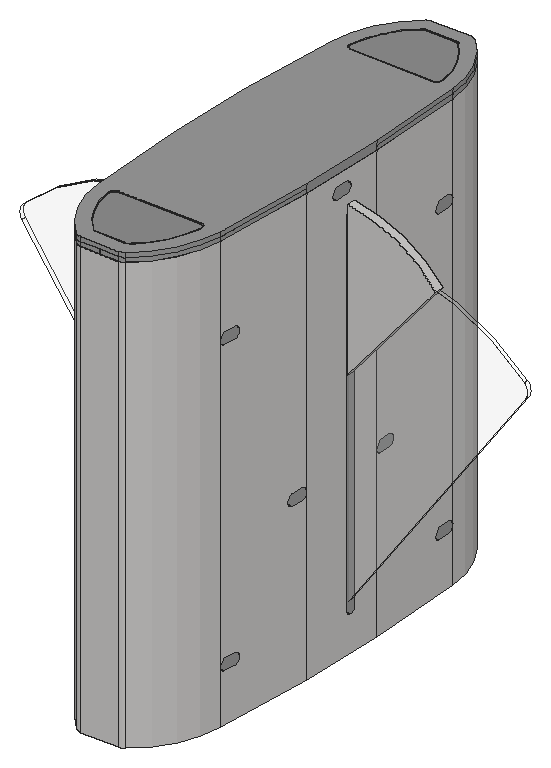
Revit family "CAME_Турникет_Скоростной_SLIDINGGATEGL_РаздвижнойЦентральныйМодуль", category Специальное оборудование, Revit 2019
Family settings
  Размер круглого соединителя = Использовать диаметр
  Тип детали = Нормальный
  На основе рабочей плоскости = Нет
  Всегда вертикально = Да
  При загрузке вырезать с полостями = Нет
  Общий = Нет
  Точка расчета площади = Нет
Parameters (values of type "900+900")
  х2 = 550 mm
  х1 = 550 mm
  Описание = "Центральный модуль раздвижного турникета SLIDING GATE GL90. Оснащен платой управления и светодиодными указателями прохода и направления. Корпус - нержавеющая сталь AISI 304. Сервопозиционный электропривод створки с определением препятствий и автоматической разблокировкой при отключении электроэнергии. Створка из 10 мм закаленного стекла. Ширина прохода 2 х 900 мм. Высота створки 900 мм. Время открытия - 0.5 сек. Встроенный блок питания."
  Изготовитель = "CAME"  # constant formula
  Группа модели = "Турникеты"  # constant formula
  Watermark [instance] = "Модели защищены уникальным кодом"
  URL = "https://camerussia.com"
  CAME_Тип механизма турникета = "моторизованный"  # constant formula
  CAME_Напряжение электропитания двигателя (В) = 24 V  # constant formula
  CAME_Максимальное количество проходов в минуту = "30"  # constant formula
  CAME_Класс защиты (IP) = "44"  # constant formula
  CAME_Интенсивность использования (%) = "ИНТЕНСИВНОЕ"  # constant formula
  CAME_Диапазон рабочих температур (°C) = "-20 ÷ +68"  # constant formula
  CAME_Время открывания (с) = "0.5"  # constant formula
  BL_Разработано = "support@bimlib.pro"  # constant formula
  BL_Email = "cru.info@came.com"  # constant formula
  BL_BIM library = "https://bimlib.pro/manufacturer/came/cf0b6efe-31e5-4ffa-b7ea-1d6fa84041d4/?tab=products"
  ADSK_Размер_Ширина = х1 + х2  # 1100 mm
  ADSK_Размер_Глубина = 1000 mm  # constant formula
  ADSK_Размер_Высота = 1010 mm  # constant formula
  ADSK_Полная мощность = ADSK_Номинальная мощность / ADSK_Коэффициент мощности  # 81.25 VA
  ADSK_Обозначение = "ТУ 26.30.50-001-89603926-2021"  # constant formula
  ADSK_Номинальная мощность = if(and([550 слева], [550 справа]), 39 W, if(and([900 слева], [900 справа]), 78 W, 78 W))  # 78 W
  ADSK_Напряжение = 230 V  # constant formula
  ADSK_Наименование краткое = if(and([550 слева], [550 справа]), "Центр. модуль турникета SLIDING GATE GL, 2 х 550 мм", if(and([900 слева], [900 справа]), "Центр. модуль турникета SLIDING GATE GL90, 2 х 900 мм", "Центр. модуль турникета SLIDING GATE GL90 комбинированный, 550 + 900 мм"))  # "Центр. модуль турникета SLIDING GATE GL90, 2 х 900 мм"
  ADSK_Наименование = if(and([550 слева], [550 справа]), "Центральный модуль раздвижного турникета SLIDING GATE GL, ширина прохода 2 х 550 мм", if(and([900 слева], [900 справа]), "Центральный модуль раздвижного турникета SLIDING GATE GL90, ширина прохода 2 х 900 мм", "Центральный модуль раздвижного турникета SLIDING GATE GL90 комбинированный, ширина прохода 550 + 900 мм"))  # "Центральный модуль раздвижного турникета SLIDING GATE GL90, ширина прохода 2 х 900 мм"
  ADSK_Масса_Текст = if(and([550 слева], [550 справа]), "77", if(and([900 слева], [900 справа]), "86", "86"))  # "86"
  ADSK_Масса = if(and([550 слева], [550 справа]), 77, if(and([900 слева], [900 справа]), 86, 86))  # 86
  ADSK_Марка = if(and([550 слева], [550 справа]), "АРТ:001SGL02C", if(and([900 слева], [900 справа]), "АРТ:001SGL90C", "АРТ:001SGL90CC"))  # "АРТ:001SGL90C"
  ADSK_Коэффициент мощности = 0.96
  ADSK_Количество фаз = 1  # constant formula
  ADSK_Количество = 1  # constant formula
  ADSK_Код изделия = "Код КСР 26.30.50.119.61.2.07.09"  # constant formula
  ADSK_Классификация нагрузок = Прочее
  ADSK_Завод-изготовитель = "CAME"  # constant formula
  ADSK_Единица измерения = "шт."  # constant formula
  ADSK_Группирование = "SLIDING GATE"  # constant formula
  ADSK_Версия семейства = "1.0"  # constant formula
  ADSK_Версия Revit = "2019"  # constant formula
  ADSK_URL страницы изделия = "https://camerussia.com/product/001sgl90c/"
  ADSK_URL документации изделия = "https://camerussia.com/uploads/support/instructions/files/Инструкция%20Sliding%20Gate%20Ligtht%20SGL01-SGL02-SGL90.pdf"
  900 справа = yes
  900 слева = yes
  550 справа = no
  550 слева = no
Types (4, lengths in mm): name | х2 | х1 | Описание | ADSK_Размер_Ширина | ADSK_Полная мощность | ADSK_Номинальная мощность | ADSK_Наименование краткое | ADSK_Наименование | ADSK_Масса_Текст | ADSK_Масса | ADSK_Марка | ADSK_URL страницы изделия | 900 справа | 900 слева | 550 справа | 550 слева
  (no name) | 550 | 550 | "Центральный модуль раздвижного турникета SLIDING GATE GL90. Оснащен платой управления и светодиодными указателями прохода и направления. Корпус - нержавеющая сталь AISI 304. Сервопозиционный электропривод створки с определением препятствий и автоматической разблокировкой при отключении электроэнергии. Створка из 10 мм закаленного стекла. Ширина прохода 2 х 900 мм. Высота створки 900 мм. Время открытия - 0.5 сек. Встроенный блок питания." | 1100 | 81.25 VA | 78 W | "Центр. модуль турникета SLIDING GATE GL90, 2 х 900 мм" | "Центральный модуль раздвижного турникета SLIDING GATE GL90, ширина прохода 2 х 900 мм" | "86" | 86 | "АРТ:001SGL90C" | "https://camerussia.com/product/001sgl90c/" | yes | yes | no | no
  550+550 | 425 | 425 | "Центральный модуль раздвижного турникета SLIDING GATE GL. Оснащен платой управления и светодиодными указателями прохода и направления. Корпус - нержавеющая сталь AISI 304. Сервопозиционный электропривод створки с определением препятствий и автоматической разблокировкой при отключении электроэнергии. Створка из 10 мм закаленного стекла. Ширина прохода 550 мм. Высота створки 900 мм. Время открытия - 0.5 сек. Встроенный блок питания." | 850 | 40.625 VA | 39 W | "Центр. модуль турникета SLIDING GATE GL, 2 х 550 мм" | "Центральный модуль раздвижного турникета SLIDING GATE GL, ширина прохода 2 х 550 мм" | "77" | 77 | "АРТ:001SGL02C" | "https://camerussia.com/product/001sgl02c/" | no | no | yes | yes
  900+900 | 550 | 550 | "Центральный модуль раздвижного турникета SLIDING GATE GL90. Оснащен платой управления и светодиодными указателями прохода и направления. Корпус - нержавеющая сталь AISI 304. Сервопозиционный электропривод створки с определением препятствий и автоматической разблокировкой при отключении электроэнергии. Створка из 10 мм закаленного стекла. Ширина прохода 2 х 900 мм. Высота створки 900 мм. Время открытия - 0.5 сек. Встроенный блок питания." | 1100 | 81.25 VA | 78 W | "Центр. модуль турникета SLIDING GATE GL90, 2 х 900 мм" | "Центральный модуль раздвижного турникета SLIDING GATE GL90, ширина прохода 2 х 900 мм" | "86" | 86 | "АРТ:001SGL90C" | "https://camerussia.com/product/001sgl90c/" | yes | yes | no | no
  550+900 | 550 | 425 | "Комбинированный центральный модуль раздвижного турникета SLIDING GATE GL90. Оснащен платой управления и светодиодными указателями прохода и направления. Корпус - нержавеющая сталь AISI 304. Сервопозиционный электропривод створки с определением препятствий и автоматической разблокировкой при отключении электроэнергии. Створка из 10 мм закаленного стекла. Ширина прохода 550 + 900 мм. Высота створки 900 мм. Время открытия - 0.5 сек. Встроенный блок питания." | 975 | 81.25 VA | 78 W | "Центр. модуль турникета SLIDING GATE GL90 комбинированный, 550 + 900 мм" | "Центральный модуль раздвижного турникета SLIDING GATE GL90 комбинированный, ширина прохода 550 + 900 мм" | "86" | 86 | "АРТ:001SGL90CC" | "https://camerussia.com/product/001sgl90cc/" | yes | no | no | yes
Reference planes
  plane 1 "По центру (Вперед/Назад)": y = 0
  plane 2: z = 0
  plane 3 "По центру (Влево/Вправо)": x = 0
  plane 4: y = 500
  plane 5: y = -500
  plane 6: z = 1010
  plane 7: x = -150
  plane 8: x = 150
  plane 9: y = 330
  plane 10: y = -100
  plane 11: y = 100
  plane 12: y = -330
  plane 13: z = 990
  plane 14: through (137.946, -330, 1200) normal (-0.9986, 0.0523, 0)
  plane 15: through (137.946, 330, 1200) normal (0.9986, 0.0523, 0)
  plane 16: z = 830.814
  plane 17: z = 105
  plane 18: z = 900
  plane 19: z = 834
  plane 20: x = -550
  plane 21: x = 550
Forms (mm)
  Extrusion 1, solid, material "CAME_Сталь_Нержавеющая_AISI 304", detail levels fine
    sketch origin (0, 0, 0) x (1, 0, 0) y (0, 1, 0)
      loop
        line (-42.88, -500) -> (42.88, -500)
        arc (42.88, -500) -> (49.742, -498.786) -> (55.771, -495.291) r 20
        arc (55.771, -495.291) -> (114, -421.167) -> (137.946, -330) r 232.074
        line (137.946, -330) -> (150, -100) -> (150, 100) -> (137.946, 330)
        arc (137.946, 330) -> (114, 421.167) -> (55.771, 495.291) r 232.074
        arc (55.771, 495.291) -> (49.742, 498.786) -> (42.88, 500) r 20
        line (42.88, 500) -> (-42.88, 500)
        arc (-42.88, 500) -> (-49.742, 498.786) -> (-55.771, 495.291) r 20
        arc (-55.771, 495.291) -> (-114, 421.167) -> (-137.946, 330) r 232.074
        line (-137.946, 330) -> (-150, 100) -> (-150, -100) -> (-137.946, -330)
        arc (-137.946, -330) -> (-114, -421.167) -> (-55.771, -495.291) r 232.074
        arc (-55.771, -495.291) -> (-49.742, -498.786) -> (-42.88, -500) r 20
    from 0 to 990
  Extrusion 2, solid, material "CAME_Камень_Гранитный_SGL01", detail levels fine
    sketch origin (-925.693, -1524, 990) x (-1, 0, 0) y (0, -1, 0)
      loop
        arc (-869.922, -2019.291) -> (-811.694, -1945.167) -> (-787.747, -1854) r 232.074
        line (-787.747, -1854) -> (-775.693, -1624) -> (-775.693, -1424) -> (-787.747, -1194)
        arc (-787.747, -1194) -> (-811.694, -1102.833) -> (-869.922, -1028.709) r 232.074
        arc (-869.922, -1028.709) -> (-875.951, -1025.214) -> (-882.813, -1024) r 20
        line (-882.813, -1024) -> (-968.573, -1024)
        arc (-968.573, -1024) -> (-975.435, -1025.214) -> (-981.464, -1028.709) r 20
        arc (-981.464, -1028.709) -> (-1039.693, -1102.833) -> (-1063.64, -1194) r 232.074
        line (-1063.64, -1194) -> (-1075.693, -1424) -> (-1075.693, -1624) -> (-1063.64, -1854)
        arc (-1063.64, -1854) -> (-1039.693, -1945.167) -> (-981.464, -2019.291) r 232.074
        arc (-981.464, -2019.291) -> (-975.435, -2022.786) -> (-968.573, -2024) r 20
        line (-968.573, -2024) -> (-882.813, -2024)
        arc (-882.813, -2024) -> (-875.951, -2022.786) -> (-869.922, -2019.291) r 20
    from 1 to 20
  Extrusion 3, void
    sketch origin (150, -1064.677, 1200) x (0, -1, 0) y (0, 0, 1)
      loop
        line (-1052.219, -234.975) -> (-1077.219, -234.975)
        arc (-1077.219, -234.975) -> (-1089.719, -247.475) -> (-1077.219, -259.975) r 12.5
        line (-1077.219, -259.975) -> (-1052.219, -259.975)
        arc (-1052.219, -259.975) -> (-1039.719, -247.475) -> (-1052.219, -234.975) r 12.5
      loop
        line (-1079.677, -1110) -> (-1079.677, -300)
        arc (-1079.677, -300) -> (-1089.677, -290) -> (-1099.677, -300) r 10
        line (-1099.677, -300) -> (-1099.677, -1110)
        arc (-1099.677, -1110) -> (-1089.677, -1120) -> (-1079.677, -1110) r 10
    from 0 to 1.5
  Extrusion 4, void
    sketch origin (138.993, -310.027, 1200) x (-0.052336, -0.99863, 0) y (0, 0, 1)
      loop
        line (7.3, -399.975) -> (-17.7, -399.975)
        arc (-17.7, -399.975) -> (-30.2, -412.475) -> (-17.7, -424.975) r 12.5
        line (-17.7, -424.975) -> (7.3, -424.975)
        arc (7.3, -424.975) -> (19.8, -412.475) -> (7.3, -399.975) r 12.5
      loop
        line (7.3, -1064.975) -> (-17.7, -1064.975)
        arc (-17.7, -1064.975) -> (-30.2, -1077.475) -> (-17.7, -1089.975) r 12.5
        line (-17.7, -1089.975) -> (7.3, -1089.975)
        arc (7.3, -1089.975) -> (19.8, -1077.475) -> (7.3, -1064.975) r 12.5
      loop
        line (-172.7, -804.975) -> (-197.7, -804.975)
        arc (-197.7, -804.975) -> (-210.2, -817.475) -> (-197.7, -829.975) r 12.5
        line (-197.7, -829.975) -> (-172.7, -829.975)
        arc (-172.7, -829.975) -> (-160.2, -817.475) -> (-172.7, -804.975) r 12.5
    from 0 to 1.5
  Extrusion 5, void
    sketch origin (138.993, 310.027, 1200) x (-0.052336, 0.99863, 0) y (0, 0, -1)
      loop
        arc (7.231, 399.975) -> (19.731, 412.475) -> (7.231, 424.975) r 12.5
        line (7.231, 424.975) -> (-17.769, 424.975)
        arc (-17.769, 424.975) -> (-30.269, 412.475) -> (-17.769, 399.975) r 12.5
        line (-17.769, 399.975) -> (7.231, 399.975)
      loop
        arc (7.231, 1064.975) -> (19.731, 1077.475) -> (7.231, 1089.975) r 12.5
        line (7.231, 1089.975) -> (-17.769, 1089.975)
        arc (-17.769, 1089.975) -> (-30.269, 1077.475) -> (-17.769, 1064.975) r 12.5
        line (-17.769, 1064.975) -> (7.231, 1064.975)
      loop
        arc (-172.769, 804.975) -> (-160.269, 817.475) -> (-172.769, 829.975) r 12.5
        line (-172.769, 829.975) -> (-197.769, 829.975)
        arc (-197.769, 829.975) -> (-210.269, 817.475) -> (-197.769, 804.975) r 12.5
        line (-197.769, 804.975) -> (-172.769, 804.975)
    from 0 to 1.5
  Extrusion 6, solid, material "CAME_Камень_Гранитный_SGL01", detail levels fine
    sketch origin (137.946, -330, 1200) x (-0.052336, -0.99863, 0) y (0, 0, 1)
      loop
        arc (-12.7, -424.975) -> (-0.2, -412.475) -> (-12.7, -399.975) r 12.5
        line (-12.7, -399.975) -> (-37.7, -399.975)
        arc (-37.7, -399.975) -> (-50.2, -412.475) -> (-37.7, -424.975) r 12.5
        line (-37.7, -424.975) -> (-12.7, -424.975)
      loop
        arc (-217.7, -804.975) -> (-230.2, -817.475) -> (-217.7, -829.975) r 12.5
        line (-217.7, -829.975) -> (-192.7, -829.975)
        arc (-192.7, -829.975) -> (-180.2, -817.475) -> (-192.7, -804.975) r 12.5
        line (-192.7, -804.975) -> (-217.7, -804.975)
      loop
        arc (-12.7, -1089.975) -> (-0.2, -1077.475) -> (-12.7, -1064.975) r 12.5
        line (-12.7, -1064.975) -> (-37.7, -1064.975)
        arc (-37.7, -1064.975) -> (-50.2, -1077.475) -> (-37.7, -1089.975) r 12.5
        line (-37.7, -1089.975) -> (-12.7, -1089.975)
    from 0 to 1.5
  Extrusion 7, solid, material "CAME_Камень_Гранитный_SGL01", detail levels fine
    sketch origin (137.946, 330, 1200) x (-0.052336, 0.99863, 0) y (0, 0, -1)
      loop
        arc (-37.769, 424.975) -> (-50.269, 412.475) -> (-37.769, 399.975) r 12.5
        line (-37.769, 399.975) -> (-12.769, 399.975)
        arc (-12.769, 399.975) -> (-0.269, 412.475) -> (-12.769, 424.975) r 12.5
        line (-12.769, 424.975) -> (-37.769, 424.975)
      loop
        arc (-217.769, 829.975) -> (-230.269, 817.475) -> (-217.769, 804.975) r 12.5
        line (-217.769, 804.975) -> (-192.769, 804.975)
        arc (-192.769, 804.975) -> (-180.269, 817.475) -> (-192.769, 829.975) r 12.5
        line (-192.769, 829.975) -> (-217.769, 829.975)
      loop
        line (-37.769, 1064.975) -> (-12.769, 1064.975)
        arc (-12.769, 1064.975) -> (-0.269, 1077.475) -> (-12.769, 1089.975) r 12.5
        line (-12.769, 1089.975) -> (-37.769, 1089.975)
        arc (-37.769, 1089.975) -> (-50.269, 1077.475) -> (-37.769, 1064.975) r 12.5
    from 0 to 1.5
  Extrusion 8, solid, material "CAME_Камень_Гранитный_SGL01", detail levels fine
    sketch origin (150, -1064.677, 1200) x (0, -1, 0) y (0, 0, 1)
      loop
        line (-1077.219, -259.975) -> (-1052.219, -259.975)
        arc (-1052.219, -259.975) -> (-1039.719, -247.475) -> (-1052.219, -234.975) r 12.5
        line (-1052.219, -234.975) -> (-1077.219, -234.975)
        arc (-1077.219, -234.975) -> (-1089.719, -247.475) -> (-1077.219, -259.975) r 12.5
      loop
        arc (-1099.677, -1110) -> (-1089.677, -1120) -> (-1079.677, -1110) r 10
        line (-1079.677, -1110) -> (-1079.677, -300)
        arc (-1079.677, -300) -> (-1089.677, -290) -> (-1099.677, -300) r 10
        line (-1099.677, -300) -> (-1099.677, -1110)
    from 0 to 1.5
  Extrusion 9, void
    sketch origin (-925.693, -1524, 990) x (-1, 0, 0) y (0, -1, 0)
      loop
        line (-882.813, -1024) -> (-968.573, -1024)
        arc (-968.573, -1024) -> (-975.435, -1025.214) -> (-981.464, -1028.709) r 20
        arc (-981.464, -1028.709) -> (-1039.693, -1102.833) -> (-1063.64, -1194) r 232.074
        line (-1063.64, -1194) -> (-1075.693, -1424) -> (-775.693, -1424) -> (-787.747, -1194)
        arc (-787.747, -1194) -> (-811.694, -1102.833) -> (-869.922, -1028.709) r 232.074
        arc (-869.922, -1028.709) -> (-875.951, -1025.214) -> (-882.813, -1024) r 20
      loop
        line (-968.573, -2024) -> (-882.813, -2024)
        arc (-882.813, -2024) -> (-875.951, -2022.786) -> (-869.922, -2019.291) r 20
        arc (-869.922, -2019.291) -> (-811.694, -1945.167) -> (-787.747, -1854) r 232.074
        line (-787.747, -1854) -> (-775.693, -1624) -> (-1075.693, -1624) -> (-1063.64, -1854)
        arc (-1063.64, -1854) -> (-1039.693, -1945.167) -> (-981.464, -2019.291) r 232.074
        arc (-981.464, -2019.291) -> (-975.435, -2022.786) -> (-968.573, -2024) r 20
    from 0 to 10
  Extrusion 10, solid, material "Индикатор синий", detail levels fine
    sketch origin (-925.693, -1524, 990) x (-1, 0, 0) y (0, -1, 0)
      loop
        line (-775.693, -1624) -> (-925.693, -1624) -> (-925.693, -2024) -> (-882.813, -2024)
        arc (-882.813, -2024) -> (-875.951, -2022.786) -> (-869.922, -2019.291) r 20
        arc (-869.922, -2019.291) -> (-811.694, -1945.167) -> (-787.747, -1854) r 232.074
        line (-787.747, -1854) -> (-775.693, -1624)
      loop
        line (-925.693, -1424) -> (-925.693, -1024) -> (-968.573, -1024)
        arc (-968.573, -1024) -> (-975.435, -1025.214) -> (-981.464, -1028.709) r 20
        arc (-981.464, -1028.709) -> (-1039.693, -1102.833) -> (-1063.64, -1194) r 232.074
        line (-1063.64, -1194) -> (-1075.693, -1424) -> (-925.693, -1424)
    from 1 to 10
  Extrusion 11, solid, material "Индикатор зеленый,", detail levels fine
    sketch origin (-925.693, -1524, 990) x (-1, 0, 0) y (0, -1, 0)
      loop
        line (-925.693, -1424) -> (-775.693, -1424) -> (-787.747, -1194)
        arc (-787.747, -1194) -> (-811.694, -1102.833) -> (-869.922, -1028.709) r 232.074
        arc (-869.922, -1028.709) -> (-875.951, -1025.214) -> (-882.813, -1024) r 20
        line (-882.813, -1024) -> (-925.693, -1024) -> (-925.693, -1424)
      loop
        line (-925.693, -1624) -> (-1075.693, -1624) -> (-1063.64, -1854)
        arc (-1063.64, -1854) -> (-1039.693, -1945.167) -> (-981.464, -2019.291) r 232.074
        arc (-981.464, -2019.291) -> (-975.435, -2022.786) -> (-968.573, -2024) r 20
        line (-968.573, -2024) -> (-925.693, -2024) -> (-925.693, -1624)
    from 1 to 10
  Extrusion 12, solid, material "CAME_Сталь_Нержавеющая_AISI 304", detail levels medium
    sketch origin (0, 0, 0) x (1, 0, 0) y (0, 1, 0)
      loop
        arc (-55.771, 495.291) -> (-114, 421.167) -> (-137.946, 330) r 232.074
        line (-137.946, 330) -> (-150, 100) -> (-150, -100) -> (-137.946, -330)
        arc (-137.946, -330) -> (-114, -421.167) -> (-55.771, -495.291) r 232.074
        arc (-55.771, -495.291) -> (-49.742, -498.786) -> (-42.88, -500) r 20
        line (-42.88, -500) -> (42.88, -500)
        arc (42.88, -500) -> (49.742, -498.786) -> (55.771, -495.291) r 20
        arc (55.771, -495.291) -> (114, -421.167) -> (137.946, -330) r 232.074
        line (137.946, -330) -> (150, -100) -> (150, 100) -> (137.946, 330)
        arc (137.946, 330) -> (114, 421.167) -> (55.771, 495.291) r 232.074
        arc (55.771, 495.291) -> (49.742, 498.786) -> (42.88, 500) r 20
        line (42.88, 500) -> (-42.88, 500)
        arc (-42.88, 500) -> (-49.742, 498.786) -> (-55.771, 495.291) r 20
    from 0 to 1010
  Extrusion 13, void
    sketch origin (-925.693, -1524, 1010) x (-1, 0, 0) y (0, -1, 0)
      loop
        line (-892.272, -1054) -> (-959.115, -1054)
        arc (-959.115, -1054) -> (-964.594, -1055.037) -> (-969.316, -1058.003) r 15
        arc (-969.316, -1058.003) -> (-1011.121, -1112.83) -> (-1032.06, -1178.519) r 202.074
        arc (-1032.06, -1178.519) -> (-1028.509, -1190.425) -> (-1017.201, -1195.57) r 15
        line (-1017.201, -1195.57) -> (-834.186, -1195.57)
        arc (-834.186, -1195.57) -> (-822.877, -1190.425) -> (-819.326, -1178.519) r 15
        arc (-819.326, -1178.519) -> (-840.266, -1112.83) -> (-882.071, -1058.003) r 202.074
        arc (-882.071, -1058.003) -> (-886.793, -1055.037) -> (-892.272, -1054) r 15
      loop
        arc (-892.272, -1994) -> (-886.793, -1992.963) -> (-882.071, -1989.997) r 15
        arc (-882.071, -1989.997) -> (-840.266, -1935.17) -> (-819.326, -1869.481) r 202.074
        arc (-819.326, -1869.481) -> (-822.877, -1857.575) -> (-834.186, -1852.43) r 15
        line (-834.186, -1852.43) -> (-1017.201, -1852.43)
        arc (-1017.201, -1852.43) -> (-1028.509, -1857.575) -> (-1032.06, -1869.481) r 15
        arc (-1032.06, -1869.481) -> (-1011.121, -1935.17) -> (-969.316, -1989.997) r 202.074
        arc (-969.316, -1989.997) -> (-964.594, -1992.963) -> (-959.115, -1994) r 15
        line (-959.115, -1994) -> (-892.272, -1994)
    from 0 to -2
  Extrusion 14, solid, material "CAME_Стекло_Закаленное_Черное", detail levels fine
    sketch origin (-925.693, -1524, 1010) x (-1, 0, 0) y (0, -1, 0)
      loop
        line (-1017.201, -1193.57) -> (-834.186, -1193.57)
        arc (-834.186, -1193.57) -> (-824.385, -1189.111) -> (-821.308, -1178.793) r 13
        arc (-821.308, -1178.793) -> (-842.04, -1113.753) -> (-883.431, -1059.47) r 200.074
        arc (-883.431, -1059.47) -> (-887.523, -1056.898) -> (-892.272, -1056) r 13
        line (-892.272, -1056) -> (-959.115, -1056)
        arc (-959.115, -1056) -> (-963.863, -1056.898) -> (-967.956, -1059.47) r 13
        arc (-967.956, -1059.47) -> (-1009.347, -1113.753) -> (-1030.079, -1178.793) r 200.074
        arc (-1030.079, -1178.793) -> (-1027.002, -1189.111) -> (-1017.201, -1193.57) r 13
      loop
        arc (-1017.201, -1854.43) -> (-1027.002, -1858.889) -> (-1030.079, -1869.207) r 13
        arc (-1030.079, -1869.207) -> (-1009.347, -1934.247) -> (-967.956, -1988.53) r 200.074
        arc (-967.956, -1988.53) -> (-963.863, -1991.102) -> (-959.115, -1992) r 13
        line (-959.115, -1992) -> (-892.272, -1992)
        arc (-892.272, -1992) -> (-887.523, -1991.102) -> (-883.431, -1988.53) r 13
        arc (-883.431, -1988.53) -> (-842.04, -1934.247) -> (-821.308, -1869.207) r 200.074
        arc (-821.308, -1869.207) -> (-824.385, -1858.889) -> (-834.186, -1854.43) r 13
        line (-834.186, -1854.43) -> (-1017.201, -1854.43)
    from 0 to -2
  Extrusion 15, solid, material "CAME_Сталь_Нержавеющая_AISI 304", visible <- "900 справа", detail levels medium+fine
    sketch origin (0, 0, 0) x (1, 0, 0) y (0, 0, 1)
      loop
        arc (351.283, 808.879) -> (261.585, 883.942) -> (150, 919) r 300
        line (150, 919) -> (150, 569) -> (351.283, 808.879)
    from -35 to -15
  Extrusion 16, solid, material "CAME_Стекло_Закаленное", visible <- "900 слева", detail levels medium+fine
    sketch origin (0, 0, 0) x (-1, 0, 0) y (0, 0, -1)
      loop
        line (150, -105) -> (150, -830.814) -> (204.812, -830.814)
        arc (204.812, -830.814) -> (390.774, -794.946) -> (550.056, -692.486) r 500
        arc (550.056, -692.486) -> (557.692, -676.653) -> (553.019, -659.708) r 25
        line (553.019, -659.708) -> (150, -105)
    from 30 to 20
  Extrusion 17, solid, material "CAME_Камень_Гранитный_SGL01", detail levels fine
    sketch origin (-137.946, 330, 1200) x (0.052336, 0.99863, 0) y (0, 0, 1)
      loop
        line (-37.769, -424.975) -> (-12.769, -424.975)
        arc (-12.769, -424.975) -> (-0.269, -412.475) -> (-12.769, -399.975) r 12.5
        line (-12.769, -399.975) -> (-37.769, -399.975)
        arc (-37.769, -399.975) -> (-50.269, -412.475) -> (-37.769, -424.975) r 12.5
      loop
        line (-217.769, -829.975) -> (-192.769, -829.975)
        arc (-192.769, -829.975) -> (-180.269, -817.475) -> (-192.769, -804.975) r 12.5
        line (-192.769, -804.975) -> (-217.769, -804.975)
        arc (-217.769, -804.975) -> (-230.269, -817.475) -> (-217.769, -829.975) r 12.5
      loop
        arc (-37.769, -1064.975) -> (-50.269, -1077.475) -> (-37.769, -1089.975) r 12.5
        line (-37.769, -1089.975) -> (-12.769, -1089.975)
        arc (-12.769, -1089.975) -> (-0.269, -1077.475) -> (-12.769, -1064.975) r 12.5
        line (-12.769, -1064.975) -> (-37.769, -1064.975)
    from 0 to 1.5
  Extrusion 18, solid, material "CAME_Камень_Гранитный_SGL01", detail levels fine
    sketch origin (-150, -1064.677, 1200) x (0, -1, 0) y (0, 0, -1)
      loop
        arc (-1077.219, 259.975) -> (-1089.719, 247.475) -> (-1077.219, 234.975) r 12.5
        line (-1077.219, 234.975) -> (-1052.219, 234.975)
        arc (-1052.219, 234.975) -> (-1039.719, 247.475) -> (-1052.219, 259.975) r 12.5
        line (-1052.219, 259.975) -> (-1077.219, 259.975)
      loop
        line (-1049.677, 1110) -> (-1049.677, 300)
        arc (-1049.677, 300) -> (-1039.677, 290) -> (-1029.677, 300) r 10
        line (-1029.677, 300) -> (-1029.677, 1110)
        arc (-1029.677, 1110) -> (-1039.677, 1120) -> (-1049.677, 1110) r 10
    from 0 to 1.5
  Extrusion 19, solid, material "CAME_Камень_Гранитный_SGL01", detail levels fine
    sketch origin (-137.946, -330, 1200) x (0.052336, -0.99863, 0) y (0, 0, -1)
      loop
        line (-12.7, 424.975) -> (-37.7, 424.975)
        arc (-37.7, 424.975) -> (-50.2, 412.475) -> (-37.7, 399.975) r 12.5
        line (-37.7, 399.975) -> (-12.7, 399.975)
        arc (-12.7, 399.975) -> (-0.2, 412.475) -> (-12.7, 424.975) r 12.5
      loop
        line (-217.7, 804.975) -> (-192.7, 804.975)
        arc (-192.7, 804.975) -> (-180.2, 817.475) -> (-192.7, 829.975) r 12.5
        line (-192.7, 829.975) -> (-217.7, 829.975)
        arc (-217.7, 829.975) -> (-230.2, 817.475) -> (-217.7, 804.975) r 12.5
      loop
        line (-12.7, 1089.975) -> (-37.7, 1089.975)
        arc (-37.7, 1089.975) -> (-50.2, 1077.475) -> (-37.7, 1064.975) r 12.5
        line (-37.7, 1064.975) -> (-12.7, 1064.975)
        arc (-12.7, 1064.975) -> (-0.2, 1077.475) -> (-12.7, 1089.975) r 12.5
    from 0 to 1.5
  Extrusion 20, void
    sketch origin (-138.993, -310.027, 1200) x (0.052336, -0.99863, 0) y (0, 0, -1)
      loop
        arc (7.3, 399.975) -> (19.8, 412.475) -> (7.3, 424.975) r 12.5
        line (7.3, 424.975) -> (-17.7, 424.975)
        arc (-17.7, 424.975) -> (-30.2, 412.475) -> (-17.7, 399.975) r 12.5
        line (-17.7, 399.975) -> (7.3, 399.975)
      loop
        arc (7.3, 1064.975) -> (19.8, 1077.475) -> (7.3, 1089.975) r 12.5
        line (7.3, 1089.975) -> (-17.7, 1089.975)
        arc (-17.7, 1089.975) -> (-30.2, 1077.475) -> (-17.7, 1064.975) r 12.5
        line (-17.7, 1064.975) -> (7.3, 1064.975)
      loop
        arc (-172.7, 804.975) -> (-160.2, 817.475) -> (-172.7, 829.975) r 12.5
        line (-172.7, 829.975) -> (-197.7, 829.975)
        arc (-197.7, 829.975) -> (-210.2, 817.475) -> (-197.7, 804.975) r 12.5
        line (-197.7, 804.975) -> (-172.7, 804.975)
    from 0 to 1.5
  Extrusion 21, void
    sketch origin (-150, -1064.677, 1200) x (0, -1, 0) y (0, 0, -1)
      loop
        arc (-1052.219, 234.975) -> (-1039.719, 247.475) -> (-1052.219, 259.975) r 12.5
        line (-1052.219, 259.975) -> (-1077.219, 259.975)
        arc (-1077.219, 259.975) -> (-1089.719, 247.475) -> (-1077.219, 234.975) r 12.5
        line (-1077.219, 234.975) -> (-1052.219, 234.975)
      loop
        arc (-1029.677, 1110) -> (-1039.677, 1120) -> (-1049.677, 1110) r 10
        line (-1049.677, 1110) -> (-1049.677, 300)
        arc (-1049.677, 300) -> (-1039.677, 290) -> (-1029.677, 300) r 10
        line (-1029.677, 300) -> (-1029.677, 1110)
    from 0 to 1.5
  Extrusion 22, void
    sketch origin (-138.993, 310.027, 1200) x (0.052336, 0.99863, 0) y (0, 0, 1)
      loop
        line (7.231, -399.975) -> (-17.769, -399.975)
        arc (-17.769, -399.975) -> (-30.269, -412.475) -> (-17.769, -424.975) r 12.5
        line (-17.769, -424.975) -> (7.231, -424.975)
        arc (7.231, -424.975) -> (19.731, -412.475) -> (7.231, -399.975) r 12.5
      loop
        line (7.231, -1064.975) -> (-17.769, -1064.975)
        arc (-17.769, -1064.975) -> (-30.269, -1077.475) -> (-17.769, -1089.975) r 12.5
        line (-17.769, -1089.975) -> (7.231, -1089.975)
        arc (7.231, -1089.975) -> (19.731, -1077.475) -> (7.231, -1064.975) r 12.5
      loop
        line (-172.769, -804.975) -> (-197.769, -804.975)
        arc (-197.769, -804.975) -> (-210.269, -817.475) -> (-197.769, -829.975) r 12.5
        line (-197.769, -829.975) -> (-172.769, -829.975)
        arc (-172.769, -829.975) -> (-160.269, -817.475) -> (-172.769, -804.975) r 12.5
    from 0 to 1.5
  Extrusion 23, solid, material "CAME_Стекло_Закаленное", visible <- "550 слева", detail levels medium+fine
    sketch origin (0, 0, 0) x (-1, 0, 0) y (0, 0, -1)
      loop
        line (150, -90) -> (150, -900) -> (200, -900)
        arc (200, -900) -> (309.262, -887.213) -> (412.618, -849.542) r 473.189
        arc (412.618, -849.542) -> (427.118, -833.565) -> (427.146, -811.99) r 30
        line (427.146, -811.99) -> (150, -90)
    from 30 to 20
  Extrusion 24, solid, material "CAME_Сталь_Нержавеющая_AISI 304", visible <- "900 слева", detail levels medium+fine
    sketch origin (0, 0, 0) x (1, 0, 0) y (0, 0, 1)
      loop
        line (-150, 569) -> (-150, 919)
        arc (-150, 919) -> (-261.585, 883.942) -> (-351.283, 808.879) r 300
        line (-351.283, 808.879) -> (-150, 569)
    from 15 to 35
  Extrusion 25, solid, material "CAME_Стекло_Закаленное", visible <- "550 справа", detail levels medium+fine
    sketch origin (0, 0, 0) x (1, 0, 0) y (0, 0, 1)
      loop
        arc (427.146, 811.99) -> (427.118, 833.565) -> (412.618, 849.542) r 30
        arc (412.618, 849.542) -> (309.262, 887.213) -> (200, 900) r 473.189
        line (200, 900) -> (150, 900) -> (150, 90) -> (427.146, 811.99)
    from -30 to -20
  Extrusion 26, solid, material "CAME_Стекло_Закаленное", visible <- "900 справа", detail levels medium+fine
    sketch origin (0, 0, 0) x (1, 0, 0) y (0, 0, 1)
      loop
        arc (553.019, 659.708) -> (557.692, 676.653) -> (550.056, 692.486) r 25
        arc (550.056, 692.486) -> (390.774, 794.946) -> (204.812, 830.814) r 500
        line (204.812, 830.814) -> (150, 830.814) -> (150, 105) -> (553.019, 659.708)
    from -30 to -20
Cuts and joins
  Extrusion 3, Extrusion 4, Extrusion 5, Extrusion 20, Extrusion 21, Extrusion 22 cuts Extrusion 1
  Extrusion 9, Extrusion 13 cuts Extrusion 2
  Extrusion 20 cuts Extrusion 6
  Extrusion 21 cuts Extrusion 8
  Extrusion 21 cuts Extrusion 15
  Extrusion 22 cuts Extrusion 7
Lines and regions (mm)
  model lines, style "CAME", detail levels coarse
    curve 1: line (-129.037, 500, 0) -> (129.037, 500, 0)
    curve 2: line (-150, -100, 0) -> (-150, 100, 0)
    curve 3: line (129.037, -500, 0) -> (-129.037, -500, 0)
    curve 4: line (150, 100, 0) -> (150, -100, 0)
    curve 5: line (150, 0, 0) -> (550, 0, 0)
    curve 6: line (129.037, -500, 0) -> (150, -100, 0)
    curve 7: line (129.037, 500, 0) -> (150, 100, 0)
    curve 8: line (-129.037, -500, 0) -> (-150, -100, 0)
    curve 9: line (-129.037, 500, 0) -> (-150, 100, 0)
    curve 10: line (-150, 0, 0) -> (-550, 0, 0)
Dimensions and locks
  equal spacing: plane 5, plane 1 "По центру (Вперед/Назад)", plane 4
  "ADSK_Размер_Глубина": plane 5 to plane 4
  "ADSK_Размер_Высота": plane 6 to plane 2
  plane 7 to plane 3 "По центру (Влево/Вправо)" to plane 8 = 150 mm locked, 150 mm locked
  plane 9 to plane 11 to plane 1 "По центру (Вперед/Назад)" to plane 10 to plane 12 = 230 mm locked, 100 mm locked, 100 mm locked, 230 mm locked
  plane 2 to plane 17 to plane 16 = 105 mm locked, 725.814 mm locked
  Extrusion 24 sketch curve to Extrusion 24 sketch curve to Extrusion 24 sketch curve to plane 2 = 110.121 mm locked, 239.879 mm locked, 569 mm locked
  Extrusion 15 sketch curve to Extrusion 15 sketch curve to Extrusion 15 sketch curve to plane 2 = 110.121 mm locked, 239.879 mm locked, 569 mm locked
  Extrusion 25 sketch curve to Extrusion 25 sketch curve to Extrusion 25 sketch curve to plane 2 = 77.259 mm locked, 732.741 mm locked, 90 mm locked
  Extrusion 26 sketch curve to Extrusion 26 sketch curve to Extrusion 26 sketch curve to plane 2 = 156.411 mm locked, 569.403 mm locked, 105 mm locked
  "х1": plane 20 to plane 3 "По центру (Влево/Вправо)"
  "х2": plane 3 "По центру (Влево/Вправо)" to plane 21
  locked: plane 7 to Extrusion 16 sketch curve (angle 36.00°)
  aligned and locked: level to plane 2
  aligned and locked: curve 1 to plane 4
  aligned and locked: curve 3 to plane 5
  aligned and locked: plane 1 "По центру (Вперед/Назад)" to curve 5
  aligned and locked: plane 7 to curve 2
  aligned and locked: plane 8 to curve 4
  aligned and locked: plane 5 to Extrusion 1 sketch curve
  aligned and locked: plane 4 to Extrusion 1 sketch curve
  aligned and locked: Extrusion 1 sketch curve to plane 7
  aligned and locked: Extrusion 1 sketch curve to plane 8
  aligned and locked: plane 9 to Extrusion 1 sketch curve  (x2)
  aligned and locked: plane 10 to Extrusion 1 sketch curve  (x2)
  aligned and locked: plane 11 to Extrusion 1 sketch curve  (x2)
  aligned and locked: plane 12 to Extrusion 1 sketch curve  (x2)
  aligned and locked: plane 13 to Extrusion 1
  aligned and locked: Extrusion 2 sketch curve to Extrusion 1  (x14)
  aligned and locked: plane 6 to Extrusion 2
  aligned and locked: Extrusion 6 sketch curve to cut or joined group of Extrusion 1, Extrusion 3, Extrusion 4, Extrusion 5, Extrusion 20, Extrusion 21, Extrusion 22  (x6)
  aligned and locked: Extrusion 7 sketch curve to cut or joined group of Extrusion 1, Extrusion 3, Extrusion 4, Extrusion 5, Extrusion 20, Extrusion 21, Extrusion 22  (x6)
  aligned and locked: Extrusion 8 sketch curve to cut or joined group of Extrusion 1, Extrusion 3, Extrusion 4, Extrusion 5, Extrusion 20, Extrusion 21, Extrusion 22  (x4)
  aligned and locked: Extrusion 9 sketch curve to Extrusion 2  (x5)
  aligned and locked: Extrusion 10 sketch curve to cut or joined group of Extrusion 2, Extrusion 9, Extrusion 13  (x4)
  aligned and locked: cut or joined group of Extrusion 2, Extrusion 9, Extrusion 13 to Extrusion 11 sketch curve
  aligned and locked: Extrusion 12 sketch curve to cut or joined group of Extrusion 2, Extrusion 9, Extrusion 13  (x12)
  aligned and locked: plane 6 to Extrusion 12
  aligned and locked: curve 6 to plane 14
  aligned and locked: plane 15 to curve 7
  aligned and locked: Extrusion 16 sketch curve to plane 16
  aligned and locked: plane 7 to Extrusion 16 sketch curve
  aligned and locked: plane 17 to Extrusion 16 sketch curve
  aligned and locked: Extrusion 23 sketch curve to plane 18
  aligned and locked: Extrusion 24 sketch curve to plane 7
  aligned and locked: Extrusion 9 sketch curve to cut or joined group of Extrusion 2, Extrusion 9, Extrusion 13  (x5)
  aligned and locked: Extrusion 11 sketch curve to cut or joined group of Extrusion 2, Extrusion 9, Extrusion 13  (x3)
  aligned and locked: Extrusion 15 sketch curve to plane 8
  aligned and locked: Extrusion 25 sketch curve to plane 8
  aligned and locked: Extrusion 26 sketch curve to plane 8
  aligned and locked: plane 21 to curve 5
  aligned and locked: curve 10 to plane 1 "По центру (Вперед/Назад)"
  aligned and locked: plane 7 to curve 10
  aligned and locked: plane 20 to curve 10
  aligned and locked: Extrusion 11 sketch curve to plane 3 "По центру (Влево/Вправо)"  (x2)
  aligned and locked: Extrusion 10 to Extrusion 11 sketch curve
  aligned and locked: Extrusion 11 sketch curve to Extrusion 12  (x3)
  aligned and locked: Extrusion 10 sketch curve to plane 3 "По центру (Влево/Вправо)"  (x2)
  aligned and locked: Extrusion 10 sketch curve to Extrusion 12  (x2)
  aligned and locked: Extrusion 12 to Extrusion 10 sketch curve
Automatic sketch dimensions
  plane 15 to Extrusion 1 sketch curve = 0 mm
  Extrusion 1 sketch curve to plane 14 = 0 mm
  plane 7 to Extrusion 1 sketch curve = 12.054 mm  (x2)
  Extrusion 1 sketch curve to plane 9 = 12.146 mm  (x2)
  Extrusion 1 sketch curve to Extrusion 1 sketch curve = 44.136 mm  (x4)
  plane 12 to Extrusion 1 sketch curve = 12.146 mm  (x2)
  Extrusion 1 sketch curve to plane 4 = 20 mm  (x2)
  Extrusion 1 sketch curve to plane 3 "По центру (Влево/Вправо)" = 42.88 mm  (x2)
  Extrusion 1 sketch curve to plane 5 = 20 mm
  plane 3 "По центру (Влево/Вправо)" to Extrusion 1 sketch curve = 42.88 mm  (x2)
  Extrusion 1 sketch curve to Extrusion 1 sketch curve = 20 mm
  plane 8 to Extrusion 2 sketch curve = 12.054 mm  (x2)
  plane 7 to Extrusion 2 sketch curve = 12.054 mm  (x2)
  Extrusion 3 sketch curve to plane 1 "По центру (Вперед/Назад)" = 35 mm
  Extrusion 3 sketch curve to Extrusion 3 sketch curve = 10 mm
  Extrusion 3 sketch curve to plane 1 "По центру (Вперед/Назад)" = 12.542 mm
  plane 1 "По центру (Вперед/Назад)" to Extrusion 3 sketch curve = 12.458 mm
  level to Extrusion 3 sketch curve = 90 mm
  Extrusion 3 sketch curve to plane 13 = 90 mm
  Extrusion 3 sketch curve to Extrusion 3 sketch curve = 40.025 mm
  Extrusion 3 sketch curve to Extrusion 3 sketch curve = 12.5 mm
  level to Extrusion 4 sketch curve = 382.525 mm
  Extrusion 4 sketch curve to Extrusion 4 sketch curve = 25 mm  (x3)
  level to Extrusion 4 sketch curve = 135.025 mm
  Extrusion 4 sketch curve to Extrusion 4 sketch curve = 155 mm  (x2)
  Extrusion 4 sketch curve to plane 13 = 202.475 mm
  Extrusion 4 sketch curve to Extrusion 4 sketch curve = 12.5 mm  (x3)
  Extrusion 5 sketch curve to level = 382.525 mm
  Extrusion 5 sketch curve to Extrusion 5 sketch curve = 25 mm  (x3)
  Extrusion 5 sketch curve to level = 135.025 mm
  Extrusion 5 sketch curve to Extrusion 5 sketch curve = 155 mm  (x2)
  plane 13 to Extrusion 5 sketch curve = 202.475 mm
  Extrusion 5 sketch curve to Extrusion 5 sketch curve = 12.5 mm  (x3)
  Extrusion 9 sketch curve to plane 8 = 0 mm  (x2)
  plane 8 to Extrusion 9 sketch curve = 12.054 mm  (x2)
  Extrusion 12 sketch curve to plane 14 = 0 mm
  plane 7 to Extrusion 12 sketch curve = 12.054 mm  (x2)
  plane 8 to Extrusion 12 sketch curve = 12.054 mm  (x2)
  Extrusion 12 sketch curve to plane 1 "По центру (Вперед/Назад)" = 100 mm
  Extrusion 16 sketch curve to plane 7 = 54.812 mm
  Extrusion 16 sketch curve to plane 16 = 156.411 mm
  Extrusion 16 sketch curve to Extrusion 16 sketch curve = 327.982 mm
  Extrusion 16 sketch curve to plane 16 = 171.106 mm
  plane 17 to Extrusion 16 sketch curve = 225.814 mm
  level to Extrusion 17 sketch curve = 382.525 mm
  Extrusion 17 sketch curve to Extrusion 17 sketch curve = 25 mm  (x3)
  Extrusion 17 sketch curve to plane 13 = 202.475 mm
  Extrusion 17 sketch curve to Extrusion 17 sketch curve = 155 mm  (x2)
  Extrusion 17 sketch curve to Extrusion 17 sketch curve = 12.5 mm  (x3)
  level to Extrusion 17 sketch curve = 135.025 mm
  Extrusion 18 sketch curve to plane 1 "По центру (Вперед/Назад)" = 12.542 mm
  plane 1 "По центру (Вперед/Назад)" to Extrusion 18 sketch curve = 12.458 mm
  plane 1 "По центру (Вперед/Назад)" to Extrusion 18 sketch curve = 15 mm
  Extrusion 18 sketch curve to Extrusion 18 sketch curve = 10 mm
  Extrusion 18 sketch curve to plane 13 = 24.975 mm
  Extrusion 18 sketch curve to Extrusion 18 sketch curve = 12.5 mm
  Extrusion 18 sketch curve to Extrusion 18 sketch curve = 40.025 mm
  level to Extrusion 18 sketch curve = 90 mm
  level to Extrusion 19 sketch curve = 382.525 mm
  Extrusion 19 sketch curve to Extrusion 19 sketch curve = 25 mm  (x3)
  Extrusion 19 sketch curve to plane 13 = 202.475 mm
  Extrusion 19 sketch curve to Extrusion 19 sketch curve = 155 mm  (x2)
  level to Extrusion 19 sketch curve = 122.525 mm
  Extrusion 19 sketch curve to Extrusion 19 sketch curve = 12.5 mm  (x3)
  level to Extrusion 20 sketch curve = 382.525 mm
  Extrusion 20 sketch curve to Extrusion 20 sketch curve = 25 mm  (x3)
  level to Extrusion 20 sketch curve = 135.025 mm
  Extrusion 20 sketch curve to Extrusion 20 sketch curve = 155 mm  (x2)
  Extrusion 20 sketch curve to plane 13 = 202.475 mm
  Extrusion 20 sketch curve to Extrusion 20 sketch curve = 12.5 mm  (x3)
  Extrusion 21 sketch curve to plane 1 "По центру (Вперед/Назад)" = 12.542 mm
  plane 1 "По центру (Вперед/Назад)" to Extrusion 21 sketch curve = 12.458 mm
  plane 1 "По центру (Вперед/Назад)" to Extrusion 21 sketch curve = 15 mm
  Extrusion 21 sketch curve to Extrusion 21 sketch curve = 10 mm
  Extrusion 21 sketch curve to plane 13 = 24.975 mm
  Extrusion 21 sketch curve to Extrusion 21 sketch curve = 12.5 mm
  Extrusion 21 sketch curve to Extrusion 21 sketch curve = 40.025 mm
  level to Extrusion 21 sketch curve = 90 mm
  level to Extrusion 22 sketch curve = 382.525 mm
  Extrusion 22 sketch curve to Extrusion 22 sketch curve = 25 mm  (x3)
  level to Extrusion 22 sketch curve = 135.025 mm
  Extrusion 22 sketch curve to Extrusion 22 sketch curve = 155 mm  (x2)
  Extrusion 22 sketch curve to plane 13 = 202.475 mm
  Extrusion 22 sketch curve to Extrusion 22 sketch curve = 12.5 mm  (x3)
  Extrusion 23 sketch curve to plane 7 = 0 mm
  Extrusion 23 sketch curve to Extrusion 23 sketch curve = 50 mm
  plane 19 to Extrusion 23 sketch curve = 11.259 mm
  Extrusion 23 sketch curve to Extrusion 23 sketch curve = 199.138 mm
  plane 19 to Extrusion 23 sketch curve = 22.01 mm
  Extrusion 23 sketch curve to Extrusion 23 sketch curve = 28.007 mm
  plane 19 to Extrusion 23 sketch curve = 407.189 mm
  Extrusion 23 sketch curve to level = 90 mm
  Extrusion 24 sketch curve to plane 7 = 201.283 mm
  plane 7 to Extrusion 24 sketch curve = 32.404 mm
  Extrusion 10 sketch curve to plane 7 = 0 mm
  plane 7 to Extrusion 10 sketch curve = 12.054 mm
  plane 7 to Extrusion 9 sketch curve = 12.054 mm  (x2)
  Extrusion 9 sketch curve to plane 7 = 0 mm  (x2)
  plane 7 to Extrusion 11 sketch curve = 12.054 mm
  plane 8 to Extrusion 13 sketch curve = 56.19 mm  (x2)
  Extrusion 13 sketch curve to Extrusion 13 sketch curve = 2.302 mm  (x4)
  plane 3 "По центру (Влево/Вправо)" to Extrusion 13 sketch curve = 33.421 mm  (x2)
  Extrusion 13 sketch curve to plane 3 "По центру (Влево/Вправо)" = 33.421 mm  (x2)
  plane 7 to Extrusion 13 sketch curve = 58.492 mm  (x2)
  Extrusion 13 sketch curve to plane 4 = 30 mm
  Extrusion 13 sketch curve to Extrusion 13 sketch curve = 15 mm  (x6)
  Extrusion 13 sketch curve to Extrusion 13 sketch curve = 111.57 mm  (x2)
  Extrusion 13 sketch curve to Extrusion 13 sketch curve = 10.576 mm  (x3)
  Extrusion 13 sketch curve to plane 5 = 182.146 mm  (x2)
  Extrusion 13 sketch curve to plane 5 = 45 mm  (x2)
  Extrusion 13 sketch curve to Extrusion 13 sketch curve = 0 mm  (x4)
  plane 8 to Extrusion 14 sketch curve = 56.19 mm  (x2)
  Extrusion 14 sketch curve to Extrusion 14 sketch curve = 2.302 mm  (x4)
  plane 3 "По центру (Влево/Вправо)" to Extrusion 14 sketch curve = 33.421 mm  (x2)
  Extrusion 14 sketch curve to plane 3 "По центру (Влево/Вправо)" = 33.421 mm  (x2)
  plane 7 to Extrusion 14 sketch curve = 58.492 mm  (x2)
  Extrusion 14 sketch curve to plane 4 = 32 mm
  Extrusion 14 sketch curve to Extrusion 14 sketch curve = 13 mm  (x6)
  Extrusion 14 sketch curve to Extrusion 14 sketch curve = 111.57 mm  (x2)
  Extrusion 14 sketch curve to Extrusion 14 sketch curve = 12.576 mm  (x3)
  Extrusion 14 sketch curve to plane 5 = 182.146 mm  (x2)
  Extrusion 14 sketch curve to plane 5 = 45 mm  (x2)
  Extrusion 14 sketch curve to Extrusion 14 sketch curve = 0 mm  (x4)
  plane 8 to Extrusion 15 sketch curve = 32.404 mm
  Extrusion 15 sketch curve to Extrusion 15 sketch curve = 51.755 mm
  Extrusion 26 sketch curve to plane 8 = 54.812 mm
  Extrusion 26 sketch curve to Extrusion 26 sketch curve = 327.982 mm
  Extrusion 26 sketch curve to Extrusion 26 sketch curve = 20.225 mm
  Extrusion 26 sketch curve to Extrusion 26 sketch curve = 225.814 mm
  Extrusion 26 sketch curve to Extrusion 26 sketch curve = 14.695 mm
  Extrusion 25 sketch curve to plane 8 = 50 mm
  Extrusion 25 sketch curve to Extrusion 25 sketch curve = 199.138 mm
  Extrusion 25 sketch curve to Extrusion 25 sketch curve = 28.007 mm
  Extrusion 25 sketch curve to Extrusion 25 sketch curve = 336.811 mm
  Extrusion 25 sketch curve to Extrusion 25 sketch curve = 10.751 mm
  plane 7 to curve 9 = 20.963 mm
  plane 7 to curve 3 = 20.963 mm
  plane 1 "По центру (Вперед/Назад)" to curve 2 = 100 mm
  curve 2 to plane 1 "По центру (Вперед/Назад)" = 100 mm
  plane 8 to Extrusion 11 sketch curve = 12.054 mm
  plane 8 to Extrusion 10 sketch curve = 12.054 mm
  Extrusion 10 sketch curve to plane 8 = 0 mm
Connectors
  electrical at (0, 0, 0), driven by "ADSK_Количество фаз", driven by "ADSK_Классификация нагрузок", driven by "ADSK_Напряжение", driven by "ADSK_Полная мощность", driven by "ADSK_Коэффициент мощности"
    settings: on cut or joined group of Extrusion 1, Extrusion 3, Extrusion 4, Extrusion 5, Extrusion 20, Extrusion 21, Extrusion 22, index 1, voltage 230 V, apparent load 0 VA, apparent load phase1 81.25 VA, apparent load phase2 0 VA, apparent load phase3 0 VA, power factor 0.96, load classification "Прочее", number of poles 1, system type 31, power factor state 1, is connector primary yes, connector utility no, sub classification motor no, connector description ""
